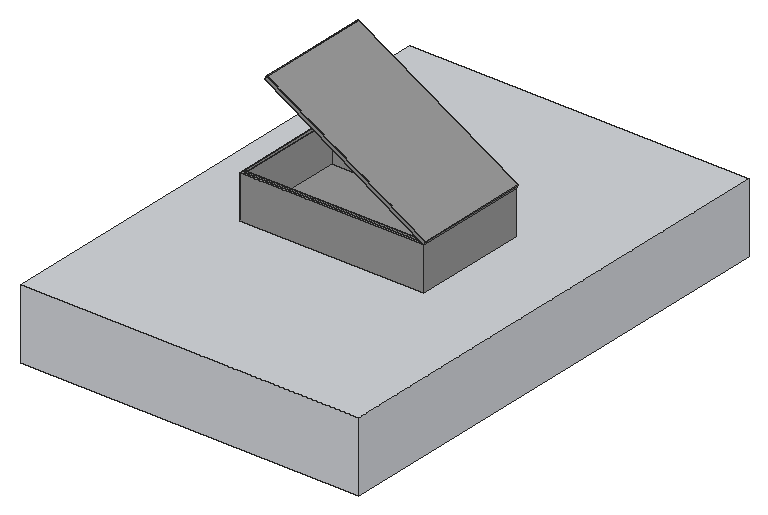
Revit family "Hager-Univers-IP44-D205-H500-Cl.I-Encl-CH-de", category Equipement électrique, Revit 2020
Family settings
  Hôte = Face
  Configuration du panneau = Deux colonnes, circuits au sein
  Cote de connecteur circulaire = Utiliser le diamètre
  Type d'élément = Tableau de raccordement
  Couper avec des vides une fois chargée = Non
  Partagée = Non
  Point de calcul de pièce = Non
Parameters (values of type "Aufputz IP44 B800 H500 T205  - FP33TN2")
  Width Control [instance] = if([EF000008 - Breite] > Min Width, [EF000008 - Breite], Min Width)  # 800 mm
  Commentaires du type = [HG000003 - Bereich]  # "Univers"
  Thickness Door [instance] = if([EF009171 - Materialstärke Tür/Deckel] > 3 mm, 3 mm, [EF009171 - Materialstärke Tür/Deckel])  # 1 mm
  Seal Frame Offset [instance] = 17 mm  # constant formula
  Plinth Visibility [instance] = [HG000027 - Sockelhöhe] > 0 mm  # no
  Model = ""
  Min Width [instance] = 100 mm  # constant formula
  Min Height [instance] = 100 mm  # constant formula
  Min Depth [instance] = (2 * [EF009170 - Materialstärke Gehäuse]) + 1 mm  # 3 mm
  Internal Frame Depth [instance] = (Door System Depth * 0.5)  # 9 mm
  Height Control [instance] = if([EF000040 - Höhe] > Min Height, [EF000040 - Höhe], Min Height)  # 500 mm
  HG000027 - Sockelhöhe = 0 mm
  HG000026 - Stehend auf dem Boden = no
  HG000024 - Höhe des unteren Teils = 800 mm
  HG000023 - Gehäuse mit doppeltem Querschnitt = no
  HG000016 - 3D-Türsichtbarkeit [instance] = yes
  HG000015 - Sichtbarkeit der Türöffnung [instance] = no
  HG000014 - Tür rechts [instance] = yes
  HG000013 - Tür links [instance] = not([HG000014 - Tür rechts])  # no
  HG000012 - Türschwenkwinkel [instance] = 30.00°
  HG000010 - Asymmetrische Türen = no
  HG000009 - Doppelflügeligen Tür = no
  HG000006 - Unterputz = no
  HG000004 - Herstellerreferenz = "FP33TN2"
  HG000003 - Bereich = "Univers"
  HG000002 - Mit tür = yes
  Frame Offset Bottom [instance] = 10 mm  # constant formula
  Frame Offset [instance] = 15 mm  # constant formula
  EF015940 - Deckel mit Überdruckentlastung = no
  EF011959 - Schutzart (NEMA) = ""
  EF009554 - Anzahl der Öffnungen für Flanschplatten = 6
  Fabricant = "Hager"  # constant formula
  EF009212 - Ausführung Deckel = "EV000116 - geschlossen"
  EF009171 - Materialstärke Tür/Deckel = 1 mm
  EF009170 - Materialstärke Gehäuse = 1 mm
  EF008873 - Nennstrom (In) = 250 A
  EF007800 - Geeignet für Blitzschutz = no
  EF006306 - Mit Schloss = no
  EF006244 - Transparenter Deckel/Tür = no
  EF005474 - Schutzart (IP) = "EV006418 - IP44"
  EF004464 - Art der Tür = "EV002646 - Einzel"
  EF004427 - Anzahl der Module = 108
  EF004293 - Schlagfestigkeit = "EV006815 - IK09"
  EF003532 - Geeignet für Außengebrauch = no
  EF002950 - Breite in Teilungseinheiten = 36
  EF001613 - Funktionserhalt = "EV000494 - ohne"
  EF001596 - Werkstoff des Gehäuses = "EV000179 - Stahl"
  EF001131 - Innentiefe = 205 mm
  EF001088 - Anbaumöglichkeit = yes
  EF000437 - Anzahl der Leitungseinführungen = 6
  EF000339 - Art der Abdeckung = "EV001012 - Deckel"
  EF000266 - Anzahl der Reihen = 3
  EF000218 - Einbautiefe = 205 mm
  EF000118 - Mit Montageplatte = no
  EF000116 - RAL-Nummer = "9010"
  EF000049 - Tiefe = 205 mm
  EF000040 - Höhe = 500 mm
  EF000008 - Breite = 800 mm
  EF000007 - Farbe = "EV000202 - weiß"
  EF000003 - Montageart = "EV000384 - Aufputz"
  Door System Leaf Tolerance [instance] = 1.5 mm  # constant formula
  Door System Depth [instance] = 18 mm  # constant formula
  Door Height [instance] = Height Control - [HG000027 - Sockelhöhe]  # 500 mm
  Depth Control [instance] = if([EF000049 - Tiefe] > Min Depth, [EF000049 - Tiefe], Min Depth)  # 205 mm
  Default Elevation = 0 mm
  Connector Offset [instance] = Height Control / 2  # 250 mm
  Bottom Top Plate Trim [instance] = 1.5 mm  # constant formula
  Plinth height Ctrl [instance] = if([HG000027 - Sockelhöhe] > 0 mm, [HG000027 - Sockelhöhe], 12 mm)  # 12 mm
Types (10, lengths in mm): name | Width Control | HG000010 - Asymmetrische Türen | HG000009 - Doppelflügeligen Tür | HG000004 - Herstellerreferenz | EF009554 - Anzahl der Öffnungen für Flanschplatten | EF004464 - Art der Tür | EF004427 - Anzahl der Module | EF002950 - Breite in Teilungseinheiten | EF000437 - Anzahl der Leitungseinführungen | EF000218 - Einbautiefe | EF000008 - Breite
  Aufputz IP44 B1050 H500 T205  - FP34QT | 1050 | no | no | "FP34QT" | 8 | "EV003602 - Doppel" | 144 | 48 | 8 | 0 | 1050
  Aufputz IP44 B1050 H500 T205  - FP34TN2 | 1050 | no | yes | "FP34TN2" | 8 | "EV003602 - Doppel" | 144 | 48 | 8 | 205 | 1050
  Aufputz IP44 B1300 H500 T205  - FP35QT | 1300 | no | no | "FP35QT" | 10 | "EV003602 - Doppel" | 180 | 60 | 10 | 0 | 1300
  Aufputz IP44 B1300 H500 T205  - FP35TN2 | 1300 | yes | yes | "FP35TN2" | 10 | "EV003602 - Doppel" | 180 | 60 | 10 | 205 | 1300
  Aufputz IP44 B300 H500 T205  - FP31QT | 300 | no | no | "FP31QT" | 2 | "EV002646 - Einzel" | 36 | 12 | 2 | 0 | 300
  Aufputz IP44 B300 H500 T205  - FP31TN2 | 300 | no | no | "FP31TN2" | 2 | "EV002646 - Einzel" | 36 | 12 | 2 | 205 | 300
  Aufputz IP44 B550 H500 T205  - FP32QT | 550 | no | no | "FP32QT" | 4 | "EV002646 - Einzel" | 72 | 24 | 4 | 0 | 550
  Aufputz IP44 B550 H500 T205  - FP32TN2 | 550 | no | no | "FP32TN2" | 4 | "EV002646 - Einzel" | 72 | 24 | 4 | 205 | 550
  Aufputz IP44 B800 H500 T205  - FP33QT | 800 | no | no | "FP33QT" | 6 | "EV002646 - Einzel" | 108 | 36 | 6 | 0 | 800
  Aufputz IP44 B800 H500 T205  - FP33TN2 | 800 | no | no | "FP33TN2" | 6 | "EV002646 - Einzel" | 108 | 36 | 6 | 205 | 800
Reference planes
  plane 1 "Center (Front/Back)": y = 0
  plane 2: z = 0
  plane 3 "Center (Left/Right)": x = 0
  plane 4: z = 205
  plane 5: y = 1
  plane 6: y = 250
  plane 7: y = 0
  plane 8: y = 500
  plane 9: z = 0
  plane 10: x = -385
  plane 11: x = 385
  plane 12: x = 384
  plane 13: x = -384
  plane 14: y = 499
  plane 15: x = -383
  plane 16: x = -400
  plane 17: x = 383
  plane 18: x = 400
  plane 19: x = 399
  plane 20: x = -399
  plane 21: y = 11
  plane 22: y = 500
  plane 23: y = 484
  plane 24: z = 187
  plane 25: z = 1
  plane 26: z = 186
  plane 27: z = 204
Forms (mm)
  Extrusion 1, solid
    sketch origin (0, 0, 0) x (1, 0, 0) y (0, 1, 0)
      loop
        line (-702.964, 1305) -> (-702.964, -811.445) -> (766.763, -811.445) -> (766.763, 1305) -> (-702.964, 1305)
    from 0 to -304.8
  Extrusion 2, solid, material "Hager_Steel_RAL7035_Light_Grey", visible <- "Plinth Visibility", detail levels medium+fine
    sketch origin (0, 0, 0) x (1, 0, 0) y (0, 1, 0)
      loop
        line (-400, 0) -> (400, 0) -> (400, 12) -> (-400, 12) -> (-400, 0)
    from 0 to 187
  Extrusion 3, solid, material "Hager_Steel_RAL7035_Light_Grey", detail levels medium+fine
    sketch origin (0, 0, 0) x (1, 0, 0) y (0, 1, 0)
      loop
        line (-400, 0) -> (400, 0) -> (400, 500) -> (-400, 500) -> (-400, 0)
    from 0 to 187
  Extrusion 4, void
    sketch origin (0, 0, 0) x (1, 0, 0) y (0, 1, 0)
      loop
        line (-399, 1) -> (399, 1) -> (399, 499) -> (-399, 499) -> (-399, 1)
    from 1 to 186
  Extrusion 5, void
    sketch origin (-381.607, -4572, 187) x (0, -1, 0) y (-1, 0, 0)
      loop
        line (-4583, 2.393) -> (-5056, 2.393) -> (-5056, -765.607) -> (-4583, -765.607) -> (-4583, 2.393)
    from 0 to 1 <- "EF009170 - Materialstärke Gehäuse"
  Extrusion 6, solid, material "Hager_Steel_RAL7035_Light_Grey", detail levels fine
    sketch origin (0, 0, 187) x (1, 0, 0) y (0, 1, 0)
      loop
        line (-384, 484) -> (-384, 11) -> (384, 11) -> (384, 484) -> (-384, 484)
      loop
        line (-385, 10) -> (385, 10) -> (385, 485) -> (-385, 485) -> (-385, 10)
    from 0 to 9 <- "Internal Frame Depth"
  Extrusion 7, solid, material "Hager_Steel_RAL7035_Light_Grey", detail levels coarse
    sketch origin (0, 0, 0) x (1, 0, 0) y (0, 1, 0)
      loop
        line (-400, 0) -> (400, 0) -> (400, 500) -> (-400, 500) -> (-400, 0)
    from 0 to 205
  Sweep 8, void
    path in 3D
      loop
        line (-400, 12, 0) -> (400, 12, 0) -> (400, 12, 187) -> (-400, 12, 187) -> (-400, 12, 0)
    profile origin (-400, 12, 93.5) x (-1, 0, 0) y (0, -1, 0)
      loop
        line (0, 0) -> (0, 1.5) -> (-1.5, 1.5)
        arc (-1.5, 1.5) -> (-1.061, 0.439) -> (0, 0) r 1.5
Cuts and joins
  Extrusion 4, Extrusion 5 cuts Extrusion 3
  Sweep 8 cuts Extrusion 2
Lines and regions (mm)
  Masking region 1
    outline origin (0, 0, 0) x (1, 0, 0) y (0, 0, 1)
      loop
        line (-400, 205) -> (-400, 0) -> (400, 0) -> (400, 205) -> (-400, 205)
  Masking region 2, detail levels medium+fine
    outline origin (0, 140, 0) x (0, 1, 0) y (0, 0, 1)
      loop
        line (-140, 0) -> (360, 0) -> (360, 187) -> (-140, 187) -> (-140, 0)
  Masking region 3, not visible, detail levels medium+fine
    outline origin (0, 297.922, 0) x (0, 1, 0) y (0, 0, 1)
      loop
        line (-36.422, 0) -> (3.578, 0) -> (3.578, 194)
        arc (3.578, 194) -> (0.649, 201.071) -> (-6.422, 204) r 10
        line (-6.422, 204) -> (-36.422, 204) -> (-36.422, 0)
  Masking region 4, detail levels coarse
    outline origin (0, 0, 180) x (0, 1, 0) y (0, 0, 1)
      loop
        line (0, -180) -> (500, -180) -> (500, 25) -> (0, 25) -> (0, -180)
  Masking region 5, visible <- "Plinth Visibility", detail levels medium+fine
    outline origin (0, 52.24, 12.345) x (0, 0, -1) y (0, 1, 0)
      loop
        line (10.845, -40.24) -> (-173.155, -40.24)
        arc (-173.155, -40.24) -> (-173.594, -41.301) -> (-174.655, -41.74) r 1.5
        line (-174.655, -41.74) -> (-174.655, -52.24) -> (12.345, -52.24) -> (12.345, -41.74)
        arc (12.345, -41.74) -> (11.285, -41.301) -> (10.845, -40.24) r 1.5
  Masking region 6, detail levels medium+fine
    outline origin (-381.607, -4572, 187) x (-1, 0, 0) y (0, -1, 0)
      loop
        line (18.393, -5072) -> (18.393, -4572) -> (-781.607, -4572) -> (-781.607, -5072) -> (18.393, -5072)
  Masking region 7, visible <- "Plinth Visibility", detail levels medium+fine
    outline origin (-381.607, -4727, 187) x (-1, 0, 0) y (0, -1, 0)
      loop
        arc (16.893, -4739) -> (17.332, -4737.939) -> (18.393, -4737.5) r 1.5
        line (18.393, -4737.5) -> (18.393, -4727) -> (-781.607, -4727) -> (-781.607, -4737.5)
        arc (-781.607, -4737.5) -> (-780.546, -4737.939) -> (-780.107, -4739) r 1.5
        line (-780.107, -4739) -> (16.893, -4739)
  Masking region 8, detail levels coarse
    outline origin (-442.548, -4669.526, 187) x (-1, 0, 0) y (0, -1, 0)
      loop
        line (-42.548, -5169.526) -> (-42.548, -4669.526) -> (-842.548, -4669.526) -> (-842.548, -5169.526) -> (-42.548, -5169.526)
  sketch lines
    curve 1: line (-400, 12, 187) -> (-400, 12, 0)
    curve 2: line (400, 12, 187) -> (-400, 12, 187)
    curve 3: line (400, 12, 187) -> (400, 12, 0)
    curve 4: line (-400, 12, 0) -> (400, 12, 0)
Dimensions and locks
  "Depth Control": plane 4 to Extrusion 1
  "HG000027 - Sockelhöhe": plane 1 "Center (Front/Back)" to plane 7
  "EF009170 - Materialstärke Gehäuse": plane 5 to plane 7
  locked: connector elem to plane 3 "Center (Left/Right)"
  equal spacing: plane 8, plane 6, plane 7
  locked: connector elem to plane 6
  "EF009170 - Materialstärke Gehäuse": plane 8 to plane 14
  "EF009170 - Materialstärke Gehäuse": plane 10 to plane 13
  "EF009170 - Materialstärke Gehäuse": plane 12 to plane 11
  "Frame Offset": plane 20 to plane 13
  "Frame Offset": plane 12 to plane 19
  "EF009170 - Materialstärke Gehäuse": plane 16 to plane 20
  "EF009170 - Materialstärke Gehäuse": plane 19 to plane 18
  "Seal Frame Offset": plane 16 to plane 15
  "Seal Frame Offset": plane 17 to plane 18
  "Frame Offset Bottom": plane 21 to plane 5
  "Frame Offset": plane 14 to plane 23
  equal spacing: plane 16, plane 3 "Center (Left/Right)", plane 18
  "Width Control": plane 16 to plane 18
  "EF009170 - Materialstärke Gehäuse": plane 4 to plane 27
  "EF009170 - Materialstärke Gehäuse": plane 24 to plane 26
  "EF009170 - Materialstärke Gehäuse": plane 25 to level
  "Door System Depth": plane 4 to plane 24
  "Height Control": plane 1 "Center (Front/Back)" to Extrusion 7 sketch curve
  "Height Control": Masking region 4 sketch curve to plane 1 "Center (Front/Back)"
  "Height Control": plane 1 "Center (Front/Back)" to plane 22
  "Bottom Top Plate Trim": profile plane to Sweep 8 sketch curve
  "Bottom Top Plate Trim": Sweep 8 sketch curve to profile plane
  "Plinth height Ctrl": plane 1 "Center (Front/Back)" to Extrusion 2 sketch curve
  "Plinth height Ctrl": Masking region 5 sketch curve to plane 1 "Center (Front/Back)"
  "Plinth height Ctrl": plane 1 "Center (Front/Back)" to Masking region 7 sketch curve
  "Thickness Door": Extrusion 6 sketch curve to Extrusion 6 sketch curve  (x3)
  "Thickness Door": cut or joined group of Extrusion 3, Extrusion 4, Extrusion 5 to Extrusion 6 sketch curve
  radius of Masking region 3 sketch curve = 10 mm
  "Bottom Top Plate Trim": radius of Masking region 5 sketch curve  (x2)
  "Bottom Top Plate Trim": radius of Sweep 8 sketch curve
  "Bottom Top Plate Trim": radius of Masking region 7 sketch curve  (x2)
  aligned and locked: plane 2 to Extrusion 1
  aligned and locked: level to Extrusion 1
  aligned and locked: level to Masking region 1 sketch curve
  aligned and locked: Masking region 1 sketch curve to plane 18
  aligned and locked: Masking region 1 sketch curve to plane 16
  aligned and locked: plane 7 to Masking region 2 sketch curve
  aligned and locked: level to Masking region 3 sketch curve
  aligned and locked: Masking region 3 sketch curve to plane 27
  aligned and locked: level to Masking region 2 sketch curve
  aligned and locked: plane 1 "Center (Front/Back)" to Extrusion 2 sketch curve
  aligned and locked: Extrusion 3 sketch curve to plane 7
  aligned and locked: plane 16 to Extrusion 3 sketch curve
  aligned and locked: plane 18 to Extrusion 3 sketch curve
  aligned and locked: plane 20 to Extrusion 4 sketch curve
  aligned and locked: plane 19 to Extrusion 4 sketch curve
  aligned and locked: Extrusion 4 sketch curve to plane 5
  aligned and locked: Extrusion 4 to plane 25
  aligned and locked: plane 26 to Extrusion 4
  aligned and locked: plane 24 to Extrusion 3
  aligned and locked: Extrusion 5 sketch curve to plane 21
  aligned and locked: Extrusion 5 sketch curve to plane 13
  aligned and locked: Extrusion 5 sketch curve to plane 12
  aligned and locked: plane 18 to Extrusion 7 sketch curve
  aligned and locked: plane 1 "Center (Front/Back)" to Extrusion 7 sketch curve
  aligned and locked: plane 16 to Extrusion 7 sketch curve
  aligned and locked: plane 4 to Extrusion 7
  aligned and locked: Extrusion 7 to level
  aligned and locked: level to Masking region 4 sketch curve
  aligned and locked: Masking region 4 sketch curve to plane 1 "Center (Front/Back)"
  aligned and locked: Masking region 4 sketch curve to plane 4
  aligned and locked: nested 1 to level
  aligned and locked: nested 1 to plane 16
  aligned and locked: plane 8 to Extrusion 3 sketch curve
  aligned and locked: plane 23 to Extrusion 5 sketch curve
  aligned and locked: plane 14 to Extrusion 4 sketch curve
  aligned and locked: Masking region 2 sketch curve to plane 8
  aligned and locked: level to Masking region 5 sketch curve
  aligned and locked: plane 16 to Extrusion 2 sketch curve
  aligned and locked: plane 18 to Extrusion 2 sketch curve
  aligned and locked: Masking region 5 sketch curve to plane 24
  aligned and locked: Masking region 2 sketch curve to plane 24
  aligned and locked: plane 24 to Extrusion 2
  aligned and locked: profile plane to Sweep 8 sketch curve  (x2)
  aligned and locked: Masking region 6 sketch curve to plane 18
  aligned and locked: Masking region 6 sketch curve to plane 22
  aligned and locked: Masking region 6 sketch curve to plane 16
  aligned and locked: plane 8 to plane 22
  aligned and locked: Masking region 6 sketch curve to plane 7
  aligned and locked: Masking region 7 sketch curve to plane 16
  aligned and locked: Masking region 7 sketch curve to plane 1 "Center (Front/Back)"
  aligned and locked: Masking region 7 sketch curve to plane 18
  aligned and locked: Masking region 8 sketch curve to plane 1 "Center (Front/Back)"
  aligned and locked: Masking region 8 sketch curve to plane 18
  aligned and locked: Masking region 8 sketch curve to plane 22
  aligned and locked: Masking region 8 sketch curve to plane 16
  aligned and locked: nested 2 to plane 7
  aligned and locked: plane 3 "Center (Left/Right)" to nested 2
  aligned and locked: nested 2 to plane 24
  aligned and locked: Extrusion 6 sketch curve to cut or joined group of Extrusion 3, Extrusion 4, Extrusion 5  (x4)
Automatic sketch dimensions
  Extrusion 1 sketch curve to Extrusion 1 sketch curve = 1469.727 mm
  Extrusion 1 sketch curve to Extrusion 1 sketch curve = 2116.445 mm
  Masking region 1 sketch curve to plane 4 = 0 mm
  plane 6 to Masking region 3 sketch curve = 11.5 mm
  Masking region 3 sketch curve to Masking region 3 sketch curve = 30 mm
  Masking region 5 sketch curve to plane 1 "Center (Front/Back)" = 0 mm
Nested families
  nested 1: "Hager_Enclosure_Symbol" at (-400, 0, 0) x (1, 0, 0) z (0, -1, 0), Height <- "Depth Control", Width <- "Width Control", type "Hager_Enclosure_Symbol"
    with Width_Ctrl 800 mm, Width 800 mm, Height_Ctrl 205 mm, Height 205 mm, A_Width_Int 13.453 mm, A_Width 161.438 mm, A_Height_Ctrl 179.375 mm, A_Height 179.375 mm
  nested 2: "EC000058_Univers_Door" at (0, 0, 187) x (1, 0, 0) z (0, 1, 0), Leaf_Tolerance <- "Door System Leaf Tolerance", Angle <- "HG000012 - Türschwenkwinkel", Door_Depth <- "Door System Depth", Door_Left <- "HG000013 - Tür links", Transparent <- "EF006244 - Transparenter Deckel/Tür", Assymetrical <- "HG000010 - Asymmetrische Türen", Width <- "Width Control", Clearance <- "HG000015 - Sichtbarkeit der Türöffnung", Double <- "HG000009 - Doppelflügeligen Tür", 3d_Door <- "HG000016 - 3D-Türsichtbarkeit", Lock_Visibility <- "EF006306 - Mit Schloss", Width_Ctrl <- "Width Control", Door_Right <- "HG000014 - Tür rechts", Door <- "HG000002 - Mit tür", Height <- "Door Height", Thickness <- "Thickness Door", type "EC000058_Univers_Door", detail levels medium+fine
    with min_wh 3 mm, Width_Ctrl 800 mm, Width 800 mm, Transparent no, Thickness 1 mm, Seal_Material Hager_Rubber, Lock_Visibility no, Lock_Material Hager_Plastic_RAL9005_Jet_Black, Leaf_Width 800 mm, Leaf_Tolerance_External_Sides 0 mm, Leaf_Tolerance 1.5 mm, Leaf_Offset 0 mm, Leaf_Height 497 mm, Leaf_2_Width 800 mm, Leaf_2_Offset 400 mm, Leaf_1_Width 800 mm, Leaf_1_Offset 400 mm, Height_Ctrl 500 mm, Height 500 mm, Glass_Material Hager_Glass, Double_Clearance_Ctrl no, Double no, Door_Right_Ctrl yes, Door_Right yes, Door_Material Hager_Steel_RAL7035_Light_Grey, Door_Left_Ctrl no, Door_Left no, Door_Depth 18 mm, Door yes, Clearance_Material Hager_Clearance, Clearance_Depth 800 mm, Clearance_Ctrl no, Clearance no, Assymetrical no, Angle 30.00°, 3d_Door yes
Connectors
  electrical at (0, 250, 0)
    settings: on plane 9, index 1, voltage 0 V, apparent load 0 VA, apparent load phase1 0 VA, apparent load phase2 0 VA, apparent load phase3 0 VA, power factor 1, load classification "Other", number of poles 1, system type 30, power factor state 1, is connector primary yes, connector utility no, sub classification motor no, connector description ""
Definition of nested family "EC000058_Univers_Door"
  Parameters (values of type "EC000058_Univers_Door")
    min_wh [instance] = (2 * Thickness) + 1 mm  # 11 mm
    Width_Ctrl [instance] = 400 mm
    Width [instance] = 500 mm
    Transparent [instance] = yes
    Thickness [instance] = 5 mm
    Seal_Material [instance] = none
    Lock_Visibility [instance] = yes
    Lock_Material [instance] = none
    Leaf_Width [instance] = if((Width_Ctrl - 2 * Leaf_Tolerance_External_Sides) > 0 mm, (Width_Ctrl - 2 * Leaf_Tolerance_External_Sides), min_wh)  # 400 mm
    Leaf_Tolerance_External_Sides [instance] = 0 mm  # constant formula
    Leaf_Tolerance [instance] = 1.5 mm
    Leaf_Offset [instance] = 0 mm  # constant formula
    Leaf_Height [instance] = if((Height_Ctrl - 2 * Leaf_Tolerance) > 0 mm, (Height_Ctrl - 2 * Leaf_Tolerance), min_wh)  # 497 mm
    Leaf_2_Width [instance] = if(and(and(Double, Assymetrical), Door_Left), (Leaf_Width / 3) - (Leaf_Tolerance / 2), if(and(and(Double, Assymetrical), Door_Right), (Leaf_Width / 3) * 2 - (Leaf_Tolerance / 2), if(and(Double, not(Assymetrical)), (Leaf_Width / 2) - Leaf_Tolerance, Leaf_Width)))  # 400 mm
    Leaf_2_Offset [instance] = if(and(Double, Assymetrical), Leaf_2_Width / 2, if(and(Double, not(Assymetrical)), Leaf_Width / 4, Leaf_Width / 2))  # 200 mm
    Leaf_1_Width [instance] = if(and(and(Double, Assymetrical), Door_Right), (Leaf_Width / 3) - (Leaf_Tolerance / 2), if(and(and(Double, Assymetrical), Door_Left), (Width / 3) * 2 - (Leaf_Tolerance / 2), if(and(Double, not(Assymetrical)), (Leaf_Width / 2) - Leaf_Tolerance, Leaf_Width)))  # 400 mm
    Leaf_1_Offset [instance] = if(and(Double, Assymetrical), Leaf_1_Width / 2, if(and(Double, not(Assymetrical)), Leaf_Width / 4, Leaf_Width / 2))  # 200 mm
    Height_Ctrl [instance] = if(Height > min_wh, Height, min_wh)  # 500 mm
    Height [instance] = 500 mm
    Glass_Material [instance] = none
    Double_Clearance_Ctrl [instance] = and(Double, Clearance)  # no
    Double [instance] = no
    Door_Right_Ctrl [instance] = and(or(Door_Right, Double), Door)  # yes
    Door_Right [instance] = yes
    Door_Material [instance] = none
    Door_Left_Ctrl [instance] = and(or(Door_Left, Double), Door)  # no
    Door_Left [instance] = no
    Door_Depth [instance] = 30 mm
    Door [instance] = yes
    Default Elevation = 1219.2 mm
    Clearance_Material [instance] = none
    Clearance_Depth [instance] = if(Leaf_1_Width > Leaf_2_Width, Leaf_1_Width, Leaf_2_Width)  # 400 mm
    Clearance_Ctrl [instance] = and(not(Double), Clearance)  # yes
    Clearance [instance] = yes
    Assymetrical [instance] = yes
    Angle [instance] = 30.00°
    3d_Door [instance] = yes
  Reference planes
    plane 1 "Center (Front/Back)": y = 0
    plane 2 "Bottom": z = 0
    plane 3 "Center (Left/Right)": x = 0
    plane 4: z = 500
    plane 5: x = -200
    plane 6: x = 200
    plane 7: z = 500
    plane 8: x = -200
    plane 9: z = 0
    plane 10: x = 200
    plane 11: y = 0
    plane 12: z = 1.5
    plane 13: x = -600
    plane 14: y = -400
    plane 15: x = 600
    plane 16: x = 0
    plane 17: x = 0
    plane 18: x = -200
    plane 19: x = 200
    plane 20: z = 498.5
  Forms (mm)
    Extrusion 1, solid, material <- "Clearance_Material", visible <- "Double_Clearance_Ctrl"
      sketch origin (1200, 0, 0) x (1, 0, 0) y (0, 0, -1)
        loop
          line (-1800, -498.5) -> (-600, -498.5) -> (-600, 0) -> (-1800, 0) -> (-1800, -498.5)
      from 0 to -400
  Dimensions and locks
    equal spacing: plane 5, plane 3 "Center (Left/Right)", plane 6
    "Width_Ctrl": plane 5 to plane 6
    "Leaf_Offset": plane 5 to plane 8
    "Leaf_Offset": plane 6 to plane 10
    "Leaf_Offset": plane 9 to level
    "Leaf_Offset": plane 4 to plane 7
    "Height_Ctrl": plane 4 to level
    "Leaf_Tolerance": plane 12 to plane 9
    locked: plane 11 to plane 1 "Center (Front/Back)"
    "Leaf_1_Offset": plane 18 to plane 16
    "Leaf_2_Offset": plane 17 to plane 19
    "Leaf_1_Width": plane 13 to plane 8
    "Leaf_2_Width": plane 10 to plane 15
    "Clearance_Depth": plane 14 to plane 1 "Center (Front/Back)"
    "Leaf_Tolerance_External_Sides": plane 8 to plane 18
    "Leaf_Tolerance_External_Sides": plane 19 to plane 10
    "Leaf_Tolerance": plane 7 to plane 20
    aligned and locked: level to plane 2 "Bottom"
    aligned and locked: nested 1 to plane 16
    aligned and locked: nested 2 to plane 17
    aligned and locked: Extrusion 1 to plane 13
    aligned and locked: plane 15 to Extrusion 1
    aligned and locked: Extrusion 1 to plane 14
    aligned and locked: plane 12 to nested 1
    aligned and locked: nested 2 to plane 12
    aligned and locked: Extrusion 1 to plane 11
    aligned and locked: plane 20 to Extrusion 1
    aligned and locked: nested 2 to plane 11
    aligned and locked: nested 1 to plane 11
  Automatic sketch dimensions
    Extrusion 1 sketch curve to level = 0 mm
    plane 5 to Extrusion 1 sketch curve = 400 mm
    plane 6 to Extrusion 1 sketch curve = 400 mm
    Extrusion 1 sketch curve to plane 4 = 1.5 mm
  Nested families
    nested 1: "EC000058_Univers_Door_Leaf" at (0, 0, 1.5), Width <- "Leaf_1_Width", visible <- "Door_Left_Ctrl", Leaf_Height <- "Leaf_Height", Angle <- "Angle", 3d_Door <- "3d_Door", Transparent <- "Transparent", Clearance Material <- "Clearance_Material", Clearance <- "Clearance_Ctrl", Door_Material <- "Door_Material", Glass_Material <- "Glass_Material", Door_Depth <- "Door_Depth", Lock_Material <- "Lock_Material", Seal_Material <- "Seal_Material", Lock_Visibility <- "Lock_Visibility", Thickness <- "Thickness", type "EC000058_Univers_Door_Leaf"
      with Width 400 mm, Transparent_Glass_Offset 30 mm, Transparent_Ctrl yes, Transparent yes, Thickness 5 mm, Standard no, Seal_Material none, Seal_D2 8 mm, Seal_D1 1 mm, Offset_Internal_Frame 10 mm, Lock_Width 20 mm, Lock_Visibility_3d yes, Lock_Visibility yes, Lock_Thickness_3 3 mm, Lock_Thickness_2 1 mm, Lock_Thickness_1 3 mm, Lock_Radius_Offset_2 16 mm, Lock_Radius_Offset_1 15 mm, Lock_Radius_2 5 mm, Lock_Radius 6 mm, Lock_Offset 5 mm, Lock_Material none, Lock_Height 80 mm, Lock_Cover_Top_Offset_2d 17 mm, Lock_Cover_Height -65 mm, Leaf_Height 497 mm, Internal_Seal_Thickness 8 mm, Internal_Seal_Depth_2 4.5 mm, Internal_Frame_Depth 25 mm, Glass_Thickness -1 mm, Glass_Offset -2 mm, Glass_Material none, Door_Material none, Door_Depth 30 mm, Clearance Material none, Clearance yes, Angle_Ctrl 30.00°, Angle 30.00°, 3d_Door yes
    nested 2: "EC000058_Univers_Door_Leaf" at (0, 0, 1.5) x (-1, 0, 0) z (0, 0, 1), Width <- "Leaf_2_Width", visible <- "Door_Right_Ctrl", Leaf_Height <- "Leaf_Height", Angle <- "Angle", 3d_Door <- "3d_Door", Transparent <- "Transparent", Clearance Material <- "Clearance_Material", Clearance <- "Clearance_Ctrl", Door_Material <- "Door_Material", Glass_Material <- "Glass_Material", Door_Depth <- "Door_Depth", Lock_Material <- "Lock_Material", Seal_Material <- "Seal_Material", Lock_Visibility <- "Lock_Visibility", Thickness <- "Thickness", type "EC000058_Univers_Door_Leaf"
      with Width 400 mm, Transparent_Glass_Offset 30 mm, Transparent_Ctrl yes, Transparent yes, Thickness 5 mm, Standard no, Seal_Material none, Seal_D2 8 mm, Seal_D1 1 mm, Offset_Internal_Frame 10 mm, Lock_Width 20 mm, Lock_Visibility_3d yes, Lock_Visibility yes, Lock_Thickness_3 3 mm, Lock_Thickness_2 1 mm, Lock_Thickness_1 3 mm, Lock_Radius_Offset_2 16 mm, Lock_Radius_Offset_1 15 mm, Lock_Radius_2 5 mm, Lock_Radius 6 mm, Lock_Offset 5 mm, Lock_Material none, Lock_Height 80 mm, Lock_Cover_Top_Offset_2d 17 mm, Lock_Cover_Height -65 mm, Leaf_Height 497 mm, Internal_Seal_Thickness 8 mm, Internal_Seal_Depth_2 4.5 mm, Internal_Frame_Depth 25 mm, Glass_Thickness -1 mm, Glass_Offset -2 mm, Glass_Material none, Door_Material none, Door_Depth 30 mm, Clearance Material none, Clearance yes, Angle_Ctrl 30.00°, Angle 30.00°, 3d_Door yes
  Definition of nested family "EC000058_Univers_Door_Leaf"
    Parameters (values of type "EC000058_Univers_Door_Leaf")
      Width [instance] = 2000 mm
      Transparent_Glass_Offset [instance] = 30 mm
      Transparent_Ctrl [instance] = and(Transparent, [3d_Door])  # yes
      Transparent [instance] = yes
      Thickness [instance] = 5 mm
      Standard [instance] = and(not(Transparent), [3d_Door])  # no
      Seal_Material [instance] = none
      Seal_D2 [instance] = 8 mm  # constant formula
      Seal_D1 [instance] = 1 mm  # constant formula
      Offset_Internal_Frame [instance] = 10 mm  # constant formula
      Lock_Width [instance] = 20 mm  # constant formula
      Lock_Visibility_3d [instance] = and(Lock_Visibility, [3d_Door])  # yes
      Lock_Visibility [instance] = yes
      Lock_Thickness_3 [instance] = 3 mm  # constant formula
      Lock_Thickness_2 [instance] = 1 mm  # constant formula
      Lock_Thickness_1 [instance] = 3 mm  # constant formula
      Lock_Radius_Offset_2 [instance] = Lock_Radius_Offset_1 + 1 mm  # 16 mm
      Lock_Radius_Offset_1 [instance] = 15 mm  # constant formula
      Lock_Radius_2 [instance] = Lock_Radius - 1 mm  # 5 mm
      Lock_Radius [instance] = 6 mm  # constant formula
      Lock_Offset [instance] = 5 mm  # constant formula
      Lock_Material [instance] = none
      Lock_Height [instance] = 80 mm  # constant formula
      Lock_Cover_Top_Offset_2d [instance] = Lock_Radius_Offset_2 + 1 mm  # 17 mm
      Lock_Cover_Height [instance] = -(Lock_Height - Lock_Radius_Offset_1)  # -65 mm
      Leaf_Height [instance] = 2720.336 mm
      Internal_Seal_Thickness [instance] = 8 mm  # constant formula
      Internal_Seal_Depth_2 [instance] = 4.5 mm  # constant formula
      Internal_Frame_Depth [instance] = if(Door_Depth - Thickness > 5 mm, Door_Depth - Thickness, 5 mm)  # 25 mm
      Glass_Thickness [instance] = if(Thickness > 15 mm, Glass_Offset + 10 mm, -1 mm)  # -1 mm
      Glass_Offset [instance] = if(Thickness > 15 mm, -(Thickness + 10 mm) / 2, -2 mm)  # -2 mm
      Glass_Material [instance] = none
      Door_Material [instance] = none
      Door_Depth [instance] = 30 mm
      Default Elevation = 0 mm
      Clearance Material [instance] = none
      Clearance [instance] = yes
      Angle_Ctrl [instance] = if(Angle > 180.00°, 180.00°, Angle)  # 90.00°
      Angle [instance] = 90.00°
      3d_Door [instance] = yes
    Reference planes
      plane 1 "Center (Front/Back)": y = 0
      plane 2: z = 0
      plane 3 "Center (Left/Right)": x = 0
      plane 4: y = 2000
      plane 5: x = -1000
      plane 6: x = 1000
      plane 7: x = -3000
      plane 8: z = 2720.336
      plane 9: z = 30
      plane 10: z = 2690.336
      plane 11: x = 970
      plane 12: x = -970
      plane 13: y = -3
      plane 14: z = 107.833
      plane 15: y = -5
      plane 16: y = -223.314
      plane 17: x = -1000
      plane 18: z = 1360.168
      plane 19: y = 30
    Forms (mm)
      Extrusion 1, solid, material <- "Clearance Material", visible <- "Clearance"
        sketch origin (0, 0, 0) x (1, 0, 0) y (0, 0, 1)
          loop
            line (-3000, 2720.336) -> (-3000, 0) -> (1000, 0) -> (1000, 2720.336) -> (-3000, 2720.336)
        from 0 to -2000
      Extrusion 2, solid, material <- "Door_Material", visible <- "Standard", detail levels medium+fine
        sketch origin (-1000, 0, 0) x (0, 1, 0) y (-1, 0, 0)
          loop
            line (0, 30) -> (0, 25) -> (2000, 25) -> (2000, 30) -> (0, 30)
        from 0 to 2720.336 <- "Leaf_Height"
      Extrusion 3, solid, material <- "Door_Material", visible <- "Transparent_Ctrl", detail levels medium+fine
        sketch origin (-1000, 0, 0) x (0, 1, 0) y (-1, 0, 0)
          loop
            line (0, 25) -> (2000, 25) -> (2000, 30) -> (0, 30) -> (0, 25)
        from 0 to 2720.336 <- "Leaf_Height"
      Extrusion 4, void
        sketch origin (-1025, 2000, 0) x (0, 1, 0) y (0, 0, -1)
          loop
            line (-30, -2690.336) -> (-30, -30) -> (-1970, -30) -> (-1970, -2690.336) -> (-30, -2690.336)
        from 0 to 5 <- "Thickness"
      Sweep 5, solid, material <- "Seal_Material", visible <- "Transparent_Ctrl", detail levels fine
        path in 3D
          loop
            line (-1025, 30, 30) -> (-1025, 30, 2690.336) -> (-1025, 1970, 2690.336) -> (-1025, 1970, 30) -> (-1025, 30, 30)
        profile origin (-1025, 1000, 30) x (1, 0, 0) y (0, 0, 1)
          loop
            line (0, 0) -> (0, -8) -> (1, -8) -> (1, 0) -> (0, 0)
      Extrusion 6, solid, material <- "Glass_Material", visible <- "Transparent_Ctrl", detail levels medium+fine
        sketch origin (-1030, 0, 0) x (0, 1, 0) y (0, 0, -1)
          loop
            line (1970, -2690.336) -> (1970, -30) -> (30, -30) -> (30, -2690.336) -> (1970, -2690.336)
        from -2 <- "Glass_Offset" to -1 <- "Glass_Thickness"
      Extrusion 7, solid, material <- "Door_Material", visible <- "3d_Door", detail levels medium+fine
        sketch origin (-1025, 2000, 0) x (0, -1, 0) y (0, 0, -1)
          loop
            line (0, -2720.336) -> (2000, -2720.336) -> (2000, 0) -> (0, 0) -> (0, -2720.336)
          loop
            line (1995, -5) -> (5, -5) -> (5, -2715.336) -> (1995, -2715.336) -> (1995, -5)
        from 0 to 25 <- "Internal_Frame_Depth"
      Sweep 8, solid, material <- "Seal_Material", visible <- "Transparent_Ctrl", detail levels fine
        path in 3D
          loop
            line (-1025, 0, 0) -> (-1025, 2000, 0) -> (-1025, 2000, 2720.336) -> (-1025, 0, 2720.336) -> (-1025, 0, 0)
        profile origin (-1025, 0, 1360.168) x (1, 0, 0) y (0, 1, 0)
          loop
            line (0, 10) -> (2.975, 10)
            arc (2.975, 10) -> (4.053, 10.447) -> (4.5, 11.525) r 1.525
            line (4.5, 11.525) -> (4.5, 16.527)
            arc (4.5, 16.527) -> (4.069, 17.569) -> (3.027, 18) r 1.473
            line (3.027, 18) -> (0, 18) -> (0, 10)
      Extrusion 9, solid, material <- "Lock_Material", visible <- "Lock_Visibility_3d", detail levels fine
        sketch origin (-1030, 0, 0) x (0, 1, 0) y (0, 0, -1)
          loop
            arc (1993.5, -1400.168) -> (1994.561, -1399.729) -> (1995, -1398.668) r 1.5
            line (1995, -1398.668) -> (1995, -1320.168) -> (1975, -1320.168) -> (1975, -1398.668)
            arc (1975, -1398.668) -> (1975.439, -1399.729) -> (1976.5, -1400.168) r 1.5
            line (1976.5, -1400.168) -> (1993.5, -1400.168)
        from 3 <- "Lock_Thickness_1" to 0
      Blend 10, solid, material <- "Lock_Material", visible <- "Lock_Visibility_3d", detail levels fine
        base sketch origin (-1033, 0, 0) x (0, 1, 0) y (0, 0, -1)
          loop
            line (1975, -1320.168) -> (1975, -1398.668)
            arc (1975, -1398.668) -> (1975.439, -1399.729) -> (1976.5, -1400.168) r 1.5
            line (1976.5, -1400.168) -> (1993.5, -1400.168)
            arc (1993.5, -1400.168) -> (1994.561, -1399.729) -> (1995, -1398.668) r 1.5
            line (1995, -1398.668) -> (1995, -1320.168) -> (1975, -1320.168)
        top sketch origin (-1033, 0, 0) x (0, 1, 0) y (0, 0, -1)
          loop
            line (1976, -1320.168) -> (1976, -1398.668)
            arc (1976, -1398.668) -> (1976.146, -1399.022) -> (1976.5, -1399.168) r 0.5
            line (1976.5, -1399.168) -> (1993.5, -1399.168)
            arc (1993.5, -1399.168) -> (1993.854, -1399.022) -> (1994, -1398.668) r 0.5
            line (1994, -1398.668) -> (1994, -1320.168) -> (1976, -1320.168)
        from 0 to 1 <- "Lock_Thickness_2"
      Blend 11, solid, material <- "Lock_Material", visible <- "Lock_Visibility_3d", detail levels fine
        base sketch origin (-1034, 0, 0) x (0, 1, 0) y (0, 0, -1)
          loop
            line (1978, -1320.168) -> (1978, -1384.168)
            arc (1978, -1384.168) -> (1985, -1391.168) -> (1992, -1384.168) r 7
            line (1992, -1384.168) -> (1992, -1320.168) -> (1978, -1320.168)
        top sketch origin (-1034, 0, 0) x (0, 1, 0) y (0, 0, -1)
          loop
            line (1991, -1320.168) -> (1979, -1320.168) -> (1979, -1383.168)
            arc (1979, -1383.168) -> (1985, -1389.168) -> (1991, -1383.168) r 6
            line (1991, -1383.168) -> (1991, -1320.168)
        from 0 to 3 <- "Lock_Thickness_3"
      Extrusion 12, solid, material <- "Lock_Material", visible <- "Lock_Visibility_3d", detail levels fine
        sketch origin (-1030, 1975, 1320.168) x (1, 0, 0) y (0, -1, 0)
          loop
            line (-7, -19) -> (-7, -1) -> (0, -1) -> (0, 0) -> (-8, 0) -> (-8, -20) -> (0, -20) -> (0, -19) -> (-7, -19)
        from 0 to -65 <- "Lock_Cover_Height"
      Extrusion 13, void
        sketch origin (-1038, 1995, 1320.168) x (-1, 0, 0) y (0, 0, -1)
          loop
            line (-5, -65) -> (0, -65) -> (-5, -60) -> (-5, -65)
        from 0 to 20 <- "Lock_Width"
      Extrusion 14, void
        sketch origin (-1038, 1975, 1320.168) x (0, -1, 0) y (0, 0, -1)
          loop
            circle (-10, -15.995) r 6
          loop
            circle (-10, -15.995) r 5
        from 0 to 2
      Extrusion 15, solid, material <- "Lock_Material", visible <- "Lock_Visibility_3d", detail levels medium
        sketch origin (-1030, 0, 0) x (0, 1, 0) y (0, 0, -1)
          loop
            arc (1993.5, -1400.168) -> (1994.561, -1399.729) -> (1995, -1398.668) r 1.5
            line (1995, -1398.668) -> (1995, -1320.168) -> (1975, -1320.168) -> (1975, -1398.668)
            arc (1975, -1398.668) -> (1975.439, -1399.729) -> (1976.5, -1400.168) r 1.5
            line (1976.5, -1400.168) -> (1993.5, -1400.168)
        from 8 to 0
    Cuts and joins
      Extrusion 4 cuts Extrusion 3
      Extrusion 13, Extrusion 14 cuts Extrusion 9
      Extrusion 14 cuts Blend 11
      Extrusion 13, Extrusion 14 cuts Extrusion 12
      joined: Extrusion 9, Blend 10, Blend 11, Extrusion 12
      Extrusion 14 cuts Extrusion 15
    Lines and regions (mm)
      Masking region 1, visible <- "Lock_Visibility", detail levels fine
        outline origin (0, 0, 0) x (0, 1, 0) y (0, 0, 1)
          loop
            line (30, 1320.168) -> (33, 1320.168) -> (33, 1400.168) -> (30, 1400.168) -> (30, 1320.168)
      Masking region 2, visible <- "Lock_Visibility", detail levels fine
        outline origin (0, 3.143, 0) x (0, 1, 0) y (0, 0, 1)
          loop
            line (29.857, 1354.168) -> (30.857, 1354.168) -> (30.857, 1366.168) -> (29.857, 1366.168) -> (29.857, 1354.168)
      Masking region 3, detail levels medium+fine
        outline origin (0, 0, 0) x (0, 1, 0) y (0, 0, 1)
          loop
            line (0, 0) -> (30, 0) -> (30, 2720.336) -> (0, 2720.336) -> (0, 0)
      Masking region 4, detail levels medium+fine
        outline origin (0, 0, 0) x (1, 0, 0) y (0, 0, 1)
          loop
            line (-1000, 2720.336) -> (-1000, 0) -> (1000, 0) -> (1000, 2720.336) -> (-1000, 2720.336)
      Masking region 5, visible <- "Lock_Visibility", detail levels fine
        outline origin (-47.116, 0, 0) x (1, 0, 0) y (0, 0, 1)
          loop
            arc (1024.616, 1399.168) -> (1023.556, 1398.729) -> (1023.116, 1397.668) r 1.5
            line (1023.116, 1397.668) -> (1023.116, 1320.168) -> (1041.116, 1320.168) -> (1041.116, 1397.668)
            arc (1041.116, 1397.668) -> (1040.677, 1398.729) -> (1039.616, 1399.168) r 1.5
            line (1039.616, 1399.168) -> (1024.616, 1399.168)
      Masking region 6, visible <- "Lock_Visibility", detail levels medium+fine
        outline origin (-25, 0, 0) x (1, 0, 0) y (0, 0, 1)
          loop
            arc (1001.5, 1400.168) -> (1000.439, 1399.729) -> (1000, 1398.668) r 1.5
            line (1000, 1398.668) -> (1000, 1320.168) -> (1020, 1320.168) -> (1020, 1398.668)
            arc (1020, 1398.668) -> (1019.561, 1399.729) -> (1018.5, 1400.168) r 1.5
            line (1018.5, 1400.168) -> (1001.5, 1400.168)
      Masking region 7, visible <- "Lock_Visibility", detail levels fine
        outline origin (-73.735, 0, 0) x (1, 0, 0) y (0, 0, 1)
          loop
            line (1051.735, 1382.168) -> (1065.735, 1382.168) -> (1065.735, 1384.168)
            arc (1065.735, 1384.168) -> (1058.735, 1391.168) -> (1051.735, 1384.168) r 7
            line (1051.735, 1384.168) -> (1051.735, 1382.168)
      Masking region 8, visible <- "Lock_Visibility", detail levels fine
        outline origin (-73.735, 0, 0) x (1, 0, 0) y (0, 0, 1)
          loop
            line (1052.735, 1382.168) -> (1064.735, 1382.168) -> (1064.735, 1383.168)
            arc (1064.735, 1383.168) -> (1058.735, 1389.168) -> (1052.735, 1383.168) r 6
            line (1052.735, 1383.168) -> (1052.735, 1382.168)
      Masking region 9, visible <- "Lock_Visibility", detail levels fine
        outline origin (-25, 0, 0) x (1, 0, 0) y (0, 0, 1)
          loop
            line (1020, 1320.168) -> (1020, 1382.168) -> (1000, 1382.168) -> (1000, 1320.168) -> (1020, 1320.168)
      Masking region 10, detail levels medium+fine
        outline origin (0, 0, 0) x (1, 0, 0) y (0, 0, 1)
          loop
            circle (985, 1335.144) r 6
      Masking region 11, detail levels fine
        outline origin (0, 0, 0) x (1, 0, 0) y (0, 0, 1)
          loop
            circle (985, 1335.144) r 5
      Masking region 12, visible <- "Lock_Visibility", detail levels fine
        outline origin (0, 12.767, 0) x (0, 1, 0) y (0, 0, 1)
          loop
            line (20.233, 1320.168) -> (21.233, 1320.168) -> (21.233, 1399.168) -> (20.233, 1400.168) -> (20.233, 1320.168)
      Masking region 13, visible <- "Lock_Visibility", detail levels fine
        outline origin (0, 13.767, -10) x (0, 1, 0) y (0, 0, 1)
          loop
            line (20.233, 1330.168) -> (23.233, 1330.168) -> (23.233, 1399.168) -> (20.233, 1402.168) -> (20.233, 1330.168)
      Masking region 14, visible <- "Lock_Visibility", detail levels fine
        outline origin (0, 12.767, -10) x (0, 1, 0) y (0, 0, 1)
          loop
            line (20.233, 1330.168) -> (25.233, 1330.168) -> (25.233, 1399.305) -> (20.233, 1394.305) -> (20.233, 1330.168)
      Masking region 15, visible <- "Lock_Visibility", detail levels medium
        outline origin (0, 0, 0) x (0, 1, 0) y (0, 0, 1)
          loop
            line (30, 1320.168) -> (38, 1320.168) -> (38, 1400.168) -> (30, 1400.168) -> (30, 1320.168)
      Masking region 16, visible <- "Lock_Visibility", detail levels fine
        outline origin (-1000, 0, 0) x (0, 1, 0) y (-1, 0, 0)
          loop
            line (1975, 30) -> (1995, 30) -> (1995, 38) -> (1975, 38) -> (1975, 30)
          loop
            line (1979, 37) -> (1976, 37) -> (1976, 34) -> (1978, 34) -> (1979, 37)
          loop
            line (1994, 37) -> (1991, 37) -> (1992, 34) -> (1994, 34) -> (1994, 37)
      Masking region 17, visible <- "Lock_Visibility", detail levels medium
        outline origin (-1000, 0, 0) x (0, 1, 0) y (-1, 0, 0)
          loop
            line (1975, 30) -> (1995, 30) -> (1995, 38) -> (1975, 38) -> (1975, 30)
      symbolic lines
        curve 1: line (1000, 0, 0) -> (-3000, 0, 0)
        curve 2: arc (1000, 0, 0) -> (-1000, 2000, 0) -> (-3000, 0, 0) r 2000
        curve 4: line (-1030, 0, 0) -> (-1030, 2000, 0)
      reference lines
        curve 3: line (-1000, 0, 0) -> (-1000, 2000, 0)
      symbolic lines, detail levels medium+fine
        curve 5: line (-1030, 2000, 0) -> (-1025, 2000, 0)
        curve 7: line (-1025, 0, 0) -> (-1030, 0, 0)
        curve 8: line (-1025, 0, 0) -> (-1000, 0, 0)
        curve 9: line (-1000, 0, 0) -> (-1000, 2000, 0)
        curve 10: line (-1000, 2000, 0) -> (-1025, 2000, 0)
      symbolic lines, detail levels fine
        curve 6: line (-1025, 2000, 0) -> (-1025, 0, 0)
      sketch lines
        curve 11: line (-1025, 0, 2720.336) -> (-1025, 0, 0)
        curve 12: line (-1025, 2000, 0) -> (-1025, 0, 0)
        curve 13: line (-1025, 2000, 2720.336) -> (-1025, 2000, 0)
        curve 14: line (-1025, 0, 2720.336) -> (-1025, 2000, 2720.336)
        curve 15: line (-1025, 1970, 30) -> (-1025, 30, 30)
        curve 16: line (-1025, 30, 30) -> (-1025, 30, 2690.336)
        curve 17: line (-1025, 1970, 2690.336) -> (-1025, 1970, 30)
        curve 18: line (-1025, 30, 2690.336) -> (-1025, 1970, 2690.336)
      symbolic lines, visible <- "Transparent", detail levels medium+fine
        curve 19: line (-970, 0, 2690.336) -> (970, 0, 2690.336)
        curve 20: line (-970, 0, 30) -> (-970, 0, 2690.336)
        curve 21: line (970, 0, 30) -> (-970, 0, 30)
        curve 22: line (970, 0, 2690.336) -> (970, 0, 30)
    Dimensions and locks
      "Width": plane 1 "Center (Front/Back)" to plane 4
      equal spacing: plane 5, plane 3 "Center (Left/Right)", plane 6
      "Width": plane 5 to plane 6
      "Width": plane 7 to plane 5
      "Leaf_Height": plane 8 to level
      "Width": curve 5 to curve 3
      "Width": curve 3 to curve 3
      plane 8 to plane 10 = 30 mm
      plane 9 to level = 30 mm
      plane 12 to plane 5 = 30 mm
      plane 6 to plane 11 = 30 mm
      Extrusion 1 to Extrusion 4 sketch curve = 30 mm
      "Transparent_Glass_Offset": curve 3 to Extrusion 4 sketch curve
      "Transparent_Glass_Offset": Extrusion 4 sketch curve to cut or joined group of Extrusion 3, Extrusion 4  (x2)
      cut or joined group of Extrusion 3, Extrusion 4 to Extrusion 6 sketch curve = 30 mm
      "Transparent_Glass_Offset": cut or joined group of Extrusion 3, Extrusion 4 to Extrusion 4 sketch curve
      "Thickness": curve 6 to curve 4
      "Thickness": Extrusion 7 sketch curve to Extrusion 7 sketch curve  (x4)
      "Door_Depth": curve 4 to curve 3
      "Offset_Internal_Frame": profile plane to Sweep 8 sketch curve
      "Internal_Seal_Thickness": Sweep 8 sketch curve to Sweep 8 sketch curve
      "Internal_Seal_Depth_2": profile plane to Sweep 8 sketch curve
      "Seal_D1": profile plane to Sweep 5 sketch curve
      "Seal_D2": profile plane to Sweep 5 sketch curve
      "Thickness": Extrusion 2 sketch curve to Extrusion 2 sketch curve
      equal spacing: Extrusion 9 sketch curve, plane 18, Extrusion 9 sketch curve  (x2)
      equal spacing: Masking region 1 sketch curve, plane 18, Masking region 1 sketch curve
      "Lock_Height": Masking region 1 sketch curve to Masking region 1 sketch curve
      "Lock_Radius": Masking region 2 sketch curve to plane 18 to Masking region 2 sketch curve
      Masking region 2 sketch curve to Masking region 1 = 1 mm
      "Door_Depth": plane 19 to plane 1 "Center (Front/Back)"
      "Lock_Thickness_1": Masking region 1 sketch curve to plane 19
      "Lock_Width": Extrusion 9 sketch curve to Extrusion 9 sketch curve
      "Lock_Height": Extrusion 9 sketch curve to Extrusion 9 sketch curve
      "Lock_Offset": cut or joined group of Extrusion 3, Extrusion 4 to Extrusion 9 sketch curve
      equal spacing: plane 8, plane 18, level
      "Lock_Radius_Offset_1": Blend 11 sketch curve to Blend 10
      locked: Blend 10 to Blend 11 sketch curve at 2  (x2)
      locked: var sketch to Blend 11 sketch curve at 1  (x2)
      "Lock_Radius_Offset_2": Blend 11 sketch curve to Blend 10
      locked: Extrusion 12 sketch curve to Extrusion 12 sketch curve at 1  (x3)
      Masking region 6 sketch curve to Masking region 6 sketch curve = 80 mm
      "Lock_Height": Masking region 6 sketch curve to Masking region 6 sketch curve
      "Lock_Width": Masking region 6 sketch curve to Masking region 6 sketch curve
      locked: Masking region 6 to Masking region 5 sketch curve at 1  (x3)
      locked: Masking region 5 to Masking region 7 sketch curve at 2  (x2)
      "Lock_Radius_Offset_1": Masking region 5 to Masking region 7 sketch curve
      "Lock_Radius_Offset_2": Masking region 5 to Masking region 8 sketch curve
      locked: Masking region 7 to Masking region 8 sketch curve at 1  (x2)
      "Lock_Cover_Top_Offset_2d": Masking region 5 to Masking region 9 sketch curve
      equal spacing: Masking region 9, Masking region 10 sketch curve, Masking region 9
      equal spacing: Masking region 9, Masking region 11 sketch curve, Masking region 9
      Extrusion 15 sketch curve to Extrusion 15 sketch curve = 80 mm
      "Lock_Width": Extrusion 15 sketch curve to Extrusion 15 sketch curve
      "Lock_Height": Extrusion 15 sketch curve to Extrusion 15 sketch curve
      equal spacing: Extrusion 15 sketch curve, plane 18, Extrusion 15 sketch curve
      "Lock_Thickness_3": Masking region 13 sketch curve to Masking region 13 sketch curve
      "Lock_Height": Masking region 12 sketch curve to Masking region 12 sketch curve
      locked: Masking region 13 sketch curve to Masking region 1 at 8
      locked: Masking region 14 sketch curve to Masking region 13 at 1
      locked: Masking region 14 sketch curve to Masking region 1 at 10.863
      "Lock_Height": Masking region 15 sketch curve to Masking region 15 sketch curve
      "Lock_Offset": Extrusion 15 sketch curve to cut or joined group of Extrusion 3, Extrusion 4
      "Lock_Offset": plane 6 to Masking region 6 sketch curve
      radius of Sweep 8 sketch curve = 1.525 mm
      radius of Sweep 8 sketch curve = 1.473 mm
      radius of Extrusion 9 sketch curve = 1.5 mm  (x2)
      "Lock_Radius": radius of Extrusion 14 sketch curve
      "Lock_Radius_2": radius of Extrusion 14 sketch curve
      "Lock_Radius": radius of Masking region 10 sketch curve
      "Lock_Radius_2": radius of Masking region 11 sketch curve
      radius of Extrusion 15 sketch curve = 1.5 mm  (x2)
      "Angle_Ctrl": angle plane 1 "Center (Front/Back)" to curve 3
      locked: Masking region 12 sketch curve to Masking region 12 sketch curve (angle 45.00°)
      locked: Masking region 13 sketch curve to Masking region 13 sketch curve (angle 45.00°)
      locked: Masking region 14 sketch curve to Masking region 14 sketch curve (angle 45.00°)
      aligned and locked: level to plane 2
      aligned and locked: Extrusion 1 to curve 1
      aligned and locked: plane 6 to Extrusion 1
      aligned and locked: Extrusion 1 to plane 1 "Center (Front/Back)"
      aligned and locked: plane 4 to Extrusion 1
      aligned and locked: plane 8 to Extrusion 1
      aligned and locked: curve 7 to Extrusion 2 sketch curve
      aligned and locked: curve 5 to Extrusion 2 sketch curve
      aligned and locked: curve 7 to Extrusion 3 sketch curve
      aligned and locked: Extrusion 3 sketch curve to curve 4
      aligned and locked: Extrusion 3 sketch curve to curve 6
      aligned and locked: Extrusion 3 sketch curve to curve 5
      aligned and locked: curve 9 to curve 3
      aligned and locked: Extrusion 7 sketch curve to cut or joined group of Extrusion 3, Extrusion 4  (x4)
      aligned and locked: plane 17 to curve 3
      aligned and locked: plane 1 "Center (Front/Back)" to curve 3
      aligned and locked: plane 17 to plane 5
      aligned and locked: Sweep 8 sketch curve to profile plane
      aligned and locked: Sweep 5 sketch curve to profile plane  (x2)
      aligned and locked: Masking region 1 to Masking region 2 sketch curve
      aligned and locked: plane 19 to Masking region 1 sketch curve
      aligned and locked: plane 1 "Center (Front/Back)" to Masking region 3 sketch curve
      aligned and locked: plane 19 to Masking region 3 sketch curve
      aligned and locked: level to Masking region 3 sketch curve
      aligned and locked: Masking region 3 sketch curve to plane 8
      aligned and locked: plane 17 to Masking region 4 sketch curve
      aligned and locked: level to Masking region 4 sketch curve
      aligned and locked: Masking region 4 sketch curve to plane 8
      aligned and locked: plane 12 to curve 20
      aligned and locked: plane 10 to curve 19
      aligned and locked: plane 11 to curve 22
      aligned and locked: curve 21 to plane 9
      aligned and locked: Extrusion 2 sketch curve to cut or joined group of Extrusion 3, Extrusion 4
      aligned and locked: Blend 10 sketch curve to Extrusion 9  (x4)
      aligned and locked: Extrusion 9 to Blend 10 sketch curve
      aligned and locked: Blend 10 to Blend 11 sketch curve
      aligned and locked: Extrusion 12 sketch curve to Blend 11
      aligned and locked: Extrusion 12 sketch curve to Extrusion 9  (x4)
      aligned and locked: Masking region 5 sketch curve to Masking region 6
      aligned and locked: Masking region 9 sketch curve to Masking region 6  (x3)
      aligned and locked: Masking region 12 sketch curve to Masking region 1
      aligned and locked: Masking region 13 sketch curve to Masking region 1
      aligned and locked: Masking region 12 to Masking region 14
      aligned and locked: Masking region 14 sketch curve to Masking region 1
      aligned and locked: Masking region 15 sketch curve to Masking region 14
      aligned and locked: Masking region 13 sketch curve to Masking region 12
      aligned and locked: Masking region 16 sketch curve to cut or joined group of Extrusion 14, Extrusion 15  (x4)
      aligned and locked: Masking region 16 sketch curve to cut or joined group of Extrusion 9, Blend 10, Blend 11, Extrusion 12, Extrusion 13, Extrusion 14  (x6)
      aligned and locked: cut or joined group of Extrusion 9, Blend 10, Blend 11, Extrusion 12, Extrusion 13, Extrusion 14 to Masking region 16 sketch curve
      aligned and locked: Masking region 17 sketch curve to cut or joined group of Extrusion 14, Extrusion 15  (x3)
      aligned and locked: Masking region 17 sketch curve to cut or joined group of Extrusion 9, Blend 10, Blend 11, Extrusion 12, Extrusion 13, Extrusion 14
      aligned and locked: Masking region 9 to Masking region 8 sketch curve
      aligned and locked: Masking region 9 to Masking region 7 sketch curve
    Automatic sketch dimensions
      plane 1 "Center (Front/Back)" to curve 2 = 0 mm
      curve 2 to plane 5 = 0 mm
      Extrusion 1 sketch curve to level = 0 mm
      Extrusion 1 sketch curve to plane 7 = 0 mm
      Extrusion 1 sketch curve to plane 6 = 0 mm
      Extrusion 1 sketch curve to plane 8 = 0 mm
      Extrusion 3 to Extrusion 6 sketch curve = 30 mm  (x4)
      Masking region 4 sketch curve to plane 6 = 0 mm
      Blend 10 sketch curve to Extrusion 9 = 1.5 mm
      Blend 10 sketch curve to Extrusion 9 = 1 mm
      Extrusion 13 sketch curve to Extrusion 12 = 0 mm  (x2)
      Extrusion 12 to Extrusion 13 sketch curve = 3 mm
      Extrusion 13 sketch curve to Extrusion 12 = 5 mm
      Extrusion 14 sketch curve to Extrusion 14 sketch curve = 0 mm  (x2)
      Extrusion 14 sketch curve to Extrusion 12 = 10 mm
      Extrusion 14 sketch curve to Extrusion 12 = 15.995 mm
      Masking region 5 sketch curve to Masking region 5 sketch curve = 1.5 mm  (x2)
      Masking region 10 sketch curve to plane 18 = 25.024 mm
      Masking region 11 sketch curve to plane 18 = 25.024 mm
      plane 19 to Masking region 14 sketch curve = 3 mm
      Masking region 16 sketch curve to Masking region 16 sketch curve = 3 mm
      curve 4 to curve 3 = 0 mm
      Blend 10 to Blend 11 sketch curve = 0 mm
      Masking region 6 sketch curve to Masking region 6 sketch curve = 1.5 mm  (x2)
      Masking region 6 sketch curve to plane 18 = 40 mm
      plane 19 to Masking region 12 sketch curve = 3 mm
      Masking region 12 sketch curve to Masking region 12 sketch curve = 1 mm
      Masking region 15 sketch curve to plane 19 = 0 mm
      Masking region 15 sketch curve to plane 18 = 40 mm
      radius of Blend 10 sketch curve to Extrusion 9 = 1 mm
Definition of nested family "Hager_Enclosure_Symbol"
  Parameters (values of type "Hager_Enclosure_Symbol")
    Width_Ctrl [instance] = if(Width > 1 mm, Width, 1 mm)  # 102.27 mm
    Width [instance] = 102.27 mm
    Height_Ctrl [instance] = if(Height > 1 mm, Height, 1 mm)  # 66.5 mm
    A_Width_Int [instance] = if(A_Width / 12 > 2 mm, A_Width / 12, 2 mm)  # 4.364 mm
    A_Width [instance] = if(A_Height_Ctrl * 0.9 > 2 mm, A_Height_Ctrl * 0.9, 2 mm)  # 52.369 mm
    A_Height_Ctrl [instance] = if(A_Height > 2 mm, A_Height, 2 mm)  # 58.188 mm
    Height [instance] = 66.5 mm
    A_Height [instance] = Height - (Height / 8)  # 58.188 mm
  Reference planes
    plane 1 "Centre (avant/arrière)": y = 0
    plane 2: z = 0
    plane 3 "Centre (gauche/droite)": x = 0
    plane 4: x = 52.369
    plane 5: y = 33.042
    plane 6: y = 41.77
    plane 7: y = 66.5
    plane 8: x = 26.184
    plane 9: y = 37.406
    plane 10: x = 102.27
    plane 11: y = 66.5
    plane 12: y = 8.313
  Lines and regions (mm)
    Filled region 1, type "Solid_Black", in view "Niveau de réf."
      outline origin (0, 0, 0) x (1, 0, 0) y (0, 1, 0)
        loop
          line (52.369, 66.5) -> (33.188, 54.536) -> (45.365, 45.006) -> (52.369, 66.5)
    Filled region 2, type "Solid_Black", in view "Niveau de réf."
      outline origin (0, 0, 0) x (1, 0, 0) y (0, 1, 0)
        loop
          line (0, 0) -> (102.27, 0) -> (102.27, 66.5) -> (0, 0)
    detail lines, in view "Niveau de réf."
      curve 1: line (0, 8.313, 0) -> (26.184, 41.77, 0)
      curve 2: line (26.184, 41.77, 0) -> (26.184, 33.042, 0)
      curve 3: line (26.184, 33.042, 0) -> (52.369, 66.5, 0)
  Dimensions and locks
    "A_Width": plane 3 "Centre (gauche/droite)" to plane 4
    equal spacing: plane 3 "Centre (gauche/droite)", plane 8, plane 4
    equal spacing: plane 6, plane 9, plane 5
    equal spacing: curve 3, Filled region 1 sketch curve, Filled region 1 sketch curve
    "Height_Ctrl": plane 1 "Centre (avant/arrière)" to plane 11
    "A_Height_Ctrl": plane 11 to plane 12
    equal spacing: plane 11, plane 9, plane 12
    "A_Width_Int": plane 6 to plane 9
    "Width_Ctrl": plane 3 "Centre (gauche/droite)" to plane 10
    angle Filled region 1 sketch curve to curve 3 = 20.00°
    angle curve 3 to Filled region 1 sketch curve = 20.00°
    locked: curve 3 to Filled region 1 sketch curve (angle 90.00°)
    aligned and locked: plane 10 to Filled region 2
    aligned and locked: plane 11 to Filled region 2 sketch curve
    aligned and locked: plane 10 to Filled region 2 sketch curve
    aligned and locked: plane 3 "Centre (gauche/droite)" to curve 1
    aligned and locked: plane 12 to curve 1
    aligned and locked: plane 7 to plane 11
  Automatic sketch dimensions
    Filled region 1 sketch curve to plane 4 = 0 mm
    Filled region 1 sketch curve to plane 7 = 0 mm
    plane 1 "Centre (avant/arrière)" to Filled region 2 sketch curve = 0 mm
    Filled region 2 sketch curve to plane 3 "Centre (gauche/droite)" = 0 mm
    curve 2 to plane 6 = 0 mm
    curve 2 to plane 8 = 0 mm
    curve 3 to plane 4 = 0 mm
    curve 2 to plane 5 = 0 mm
    curve 3 to plane 7 = 0 mm
